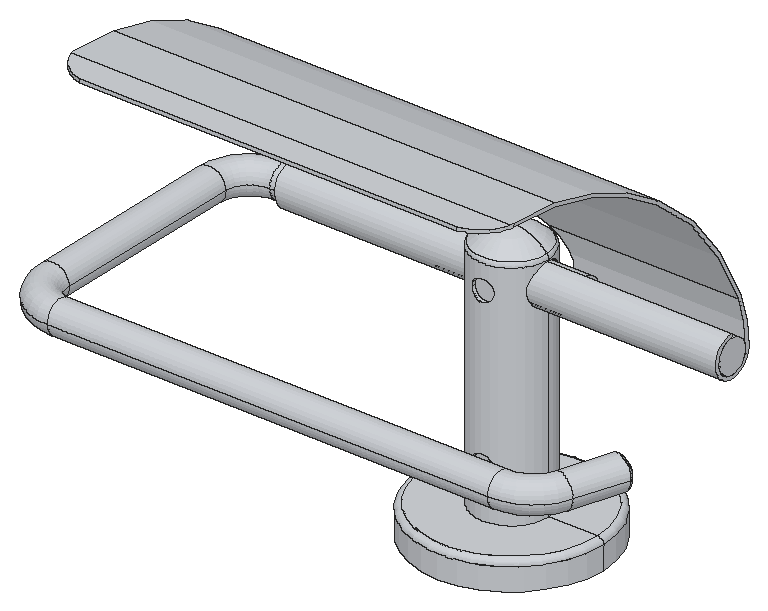
Revit family "Accessory-Tissue_Holder-KOHLER-Kumin-K-97901M_1", category Specialty Equipment, host Face, Revit 2017
Family settings
  Host = Face
  Round Connector Dimension = Use Diameter
  Part Type = Normal
  OmniClass Number = 23.31.25.21
  OmniClass Title = Toilet Paper Dispensers
  Cut with Voids When Loaded = No
  Shared = No
  Room Calculation Point = No
Parameters (values of type "CP-Polished Chrome")
  Width = 5 121/256"  # constant formula
  WaterSense Certified = 1 = 0  # no
  URL = "https://la.kohler.com/es?country=MX"
  Type = 1
  Product Page URL = "https://la.kohler.com/es/product-detail/97901m?skuid=K-97901M-CP"
  Product Name = "Kumin"  # constant formula
  Product Documentation Link = ""
  Model = "K-97901M-CP"  # constant formula
  Material = "Premium Metal Construction"  # constant formula
  Master Format 2014 Name = "Toilet, Bath, and Laundry Accessories"  # constant formula
  Master Format 2014 = "10 28 00"  # constant formula
  Manufacturer Address = "KOHLER Co. 444 Highland Dr. Kohler, WI 53044"  # constant formula
  Manufacturer = "KOHLER Co."  # constant formula
  Length = 4 145/256"  # constant formula
  Height = 3 105/128"  # constant formula
  Finish = Kohler-Metal-CP-Polished_Chrome
  Environmental Product Declaration = ""
  Description = "Covered toilet paper holder"  # constant formula
  Default Elevation = 42"
  Declare Label = ""
  Date Modified = "05/21/2021"  # constant formula
  Date Created = "05/21/2021"  # constant formula
  Copyright = "Copyright KOHLER Co."  # constant formula
  Contact Us = "https://la.kohler.com/es/contact-us-page"
  Assembly Code = "C1030200"
  ADA Compliant = 1 = 0  # no
Reference planes (in)
  plane 1 "Center (Front/Back)": y = 0
  plane 2: z = 0
  plane 3 "Center (Left/Right)": x = 0
  plane 4: x = -2.7577
  plane 5: x = -2.12841
  plane 6: x = 2.71495
  plane 7: x = -0.88583
  plane 8: x = 0.88583
  plane 9: x = 2.12841
  plane 10: y = 0.88583
  plane 11: y = -2.93449
  plane 12: y = -0.88583
  plane 13: z = 4.56641
  plane 14: z = 2.28346
  plane 15: z = 2.44057
  plane 16: z = 2.12636
  plane 17: z = 0.27559
  plane 18: y = 0.35433
  plane 19: y = -0.35433
  plane 20: x = -0.35433
  plane 21: x = 0.35433
Dimensions and locks (in)
  "Height": plane 11 to plane 10
  "Width": plane 4 to plane 6
  plane 7 to plane 8 = 1.77165"
  plane 12 to plane 10 = 1.77165"
  plane 17 to level = 0.27559"
  plane 14 to level = 2.28346"
  "Length": level to plane 13
  aligned and locked: plane 2 to host face
  aligned and locked: level to host face
Automatic sketch dimensions
  host sketch curve to host sketch curve = 96"  (x2)
Nested families (in)
  nested 1: "K-97901M" at (0, 0, 0), type "K-97901M"
Definition of nested family "K-97901M"
  Parameters (values of type "K-97901M")
    Material = none
  Reference planes (in)
    plane 1 "Center (Front/Back)": y = 0
    plane 2: z = 0
    plane 3 "Center (Left/Right)": x = 0
    plane 4: x = -0.88583
    plane 5: x = 0.88583
    plane 6: y = 0.88583
    plane 7: y = -0.88583
    plane 8: y = -2.93307
    plane 9: x = 2.71474
    plane 10: z = 0.27559
    plane 11: z = 2.28346
    plane 12: z = 4.56693
    plane 13: x = -2.7577
    plane 14: z = 2.44057
    plane 15: z = 2.12636
    plane 16: x = 2.12859
    plane 17: x = 0.35433
    plane 18: x = -0.35433
    plane 19: y = -0.35433
    plane 20: y = 0.35433
  Forms (in)
    Revolve 1, solid, material <- "Material", detail levels medium+fine
      sketch origin (0, 0, 0) x (1, 0, 0) y (0, 0, 1)
        loop
          line (0, 0) -> (0, 2.68881)
          arc (0, 2.68881) -> (-0.18472, 2.64974) -> (-0.3384, 2.54007) r 0.46219
          arc (-0.3384, 2.54007) -> (-0.35062, 2.52054) -> (-0.35488, 2.4979) r 0.06219
          line (-0.35488, 2.4979) -> (-0.35488, 0.27559) -> (-0.82846, 0.27559)
          arc (-0.82846, 0.27559) -> (-0.86902, 0.25879) -> (-0.88583, 0.21822) r 0.05737
          line (-0.88583, 0.21822) -> (-0.88583, 0) -> (0, 0)
        axis (0, 0) -> (0, 2.68881)
      angle from 0 to 360
    Sweep 2, solid, material <- "Material", detail levels medium+fine
      path origin (0, 3.21631, 2.28346) x (0, 1, 0) y (-1, 0, 0)
        loop
          line (-3.21631, -2.12598) -> (-3.21631, 2.20472)
          arc (-3.21631, 2.20472) -> (-3.33195, 2.48392) -> (-3.61115, 2.59957) r 0.39484
          line (-3.61115, 2.59957) -> (-5.50164, 2.59957)
          arc (-5.50164, 2.59957) -> (-5.77935, 2.48454) -> (-5.89438, 2.20683) r 0.39273
          line (-5.89438, 2.20683) -> (-5.89438, -2.03697)
          arc (-5.89438, -2.03697) -> (-5.8203, -2.26623) -> (-5.62608, -2.4088) r 0.3918
          line (-5.62608, -2.4088) -> (-5.00617, -2.61471)
      profile origin (-0.03937, 0, 2.28346) x (0, -1, 0) y (0, 0, 1)
        loop
          circle (-0.00059, -0.00048) r 0.15748
    Sweep 3, solid, material <- "Material", detail levels medium+fine
      path origin (0, 0, 0) x (0, 1, 0) y (0, 0, 1)
        loop
          arc (0, 2.46457) -> (-0.12991, 2.15728) -> (0.18103, 2.2782) r 0.1811
          arc (0.18103, 2.2782) -> (0.16293, 2.51813) -> (0.09551, 2.74911) r 1.15511
          arc (0.09551, 2.74911) -> (-0.31136, 3.44741) -> (-0.89454, 4.00693) r 2.91109
          arc (-0.89454, 4.00693) -> (-1.48475, 4.338) -> (-2.13462, 4.52676) r 2.96798
          arc (-2.13462, 4.52676) -> (-2.39292, 4.55866) -> (-2.65305, 4.56693) r 2.85811
          arc (-2.65305, 4.56693) -> (-2.79306, 4.56597) -> (-2.93307, 4.56693) r 10.1782
      profile origin (0, 0.18103, 2.2782) x (0, -0.999578, 0.029043) y (1, 0, 0)
        loop
          line (-0.01575, -2.1261) -> (0.01575, -2.1261) -> (0.01575, 2.12511) -> (-0.01575, 2.12511) -> (-0.01575, -2.1261)
    Revolve 4, void
      sketch origin (0, 3.21631, 2.28346) x (0, 1, 0) y (-1, 0, 0)
        loop
          line (-4.95095, -2.63367) -> (-4.87719, -2.41162) -> (-5.14473, -2.32275) -> (-5.16562, -2.38564) -> (-5.11562, -2.40225)
          arc (-5.11562, -2.40225) -> (-5.08466, -2.4214) -> (-5.06562, -2.45244) r 0.07874
          arc (-5.06562, -2.45244) -> (-5.05474, -2.52384) -> (-5.06769, -2.5949) r 0.21897
          line (-5.06769, -2.5949) -> (-4.95095, -2.63367)
        axis (-5.21849, -2.54481) -> (-4.95095, -2.63367)
      angle from 0 to 360
    Extrusion 5, void
      sketch origin (0, 0, 0) x (1, 0, 0) y (0, 1, 0)
        loop
          line (1.73928, -2.94073) -> (1.55193, -2.94073) -> (1.55193, -3.07852) -> (2.24159, -3.07852) -> (2.24159, -2.2525) -> (2.13298, -2.2525) -> (2.13298, -2.54703)
          arc (2.13298, -2.54703) -> (2.01767, -2.82542) -> (1.73928, -2.94073) r 0.3937
        loop
          arc (-1.73928, -2.94073) -> (-2.01767, -2.82542) -> (-2.13298, -2.54703) r 0.3937
          line (-2.13298, -2.54703) -> (-2.13298, -2.2525) -> (-2.24159, -2.2525) -> (-2.24159, -3.07852) -> (-1.55193, -3.07852) -> (-1.55193, -2.94073) -> (-1.73928, -2.94073)
      from 4.03758 to 5.27737
    Extrusion 6, void
      sketch origin (0, 0, 0) x (1, 0, 0) y (0, 0, 1)
        loop
          line (-0.4685, 1.93479) -> (0.47244, 1.93479) -> (0.47244, 2.46063)
          arc (0.47244, 2.46063) -> (0.00197, 2.84076) -> (-0.4685, 2.46063) r 0.48121
          line (-0.4685, 2.46063) -> (-0.4685, 1.93479)
      from -0.88668 to -0.02748
    Revolve 7, void
      sketch origin (0, 0, 0) x (1, 0, 0) y (0, 0, 1)
        loop
          line (-0.40779, 2.28346) -> (0.40779, 2.28346) -> (0.40779, 2.59254) -> (0.36419, 2.59254) -> (0.36419, 2.50646)
          arc (0.36419, 2.50646) -> (0.3573, 2.48982) -> (0.34066, 2.48293) r 0.02353
          line (0.34066, 2.48293) -> (-0.34095, 2.48293)
          arc (-0.34095, 2.48293) -> (-0.35759, 2.48982) -> (-0.36448, 2.50646) r 0.02353
          line (-0.36448, 2.50646) -> (-0.36448, 2.59254) -> (-0.40779, 2.59254) -> (-0.40779, 2.28346)
        axis (-0.40779, 2.28346) -> (0.40779, 2.28346)
      angle from 0 to 360
    Extrusion 8, solid, material <- "Material", detail levels medium+fine
      sketch origin (0, 0, 0) x (0, 1, 0) y (0, 0, 1)
        loop
          circle (0.00059, 2.28298) r 0.15748
        loop
          circle (0.00059, 2.28298) r 0.18276
      from -0.62712 to 0.69832
    Extrusion 9, void
      sketch origin (0, 0, 0) x (1, 0, 0) y (0, 0, 1)
        loop
          circle (0, 0.74871) r 0.10468
        loop
          circle (0, 2.26305) r 0.10541
      from 0.31323 to 0.94004
    Revolve 10, solid, material <- "Material", detail levels coarse
      sketch origin (0, 0, 0) x (1, 0, 0) y (0, 0, 1)
        loop
          line (0, 0) -> (0, 2.68499) -> (-0.2049, 2.68499)
          arc (-0.2049, 2.68499) -> (-0.31056, 2.64122) -> (-0.35433, 2.53555) r 0.14943
          line (-0.35433, 2.53555) -> (-0.35433, 0.27559) -> (-0.88583, 0.27559) -> (-0.88583, 0) -> (0, 0)
        axis (0, 0) -> (0, 2.68499)
      angle from 0 to 360
    Sweep 11, solid, material <- "Material", detail levels coarse
      path origin (0, 3.21631, 2.28346) x (0, 1, 0) y (-1, 0, 0)
        loop
          line (-3.21631, -2.12511) -> (-3.21631, 2.13247)
          arc (-3.21631, 2.13247) -> (-3.35299, 2.46244) -> (-3.68296, 2.59912) r 0.46665
          line (-3.68296, 2.59912) -> (-5.49389, 2.59912)
          arc (-5.49389, 2.59912) -> (-5.77228, 2.48381) -> (-5.88759, 2.20542) r 0.3937
          line (-5.88759, 2.20542) -> (-5.88759, -1.97812)
          arc (-5.88759, -1.97812) -> (-5.79547, -2.26305) -> (-5.55398, -2.44012) r 0.48671
          line (-5.55398, -2.44012) -> (-5.13054, -2.58044)
      profile origin (-0.00368, 0, 2.28346) x (0, -1, 0) y (0, 0, 1)
        loop
          circle (0, 0) r 0.1571
    Extrusion 12, solid, material <- "Material", detail levels coarse
      sketch origin (0, 0, 0) x (0, 1, 0) y (0, 0, 1)
        loop
          arc (0.08094, 2.74315) -> (0.14743, 2.51532) -> (0.16528, 2.27866) r 1.13937
          arc (0.16528, 2.27866) -> (-0.11861, 2.16825) -> (0, 2.44882) r 0.16535
          line (0, 2.44882) -> (0, 2.48031)
          arc (0, 2.48031) -> (-0.1412, 2.14631) -> (0.19677, 2.27775) r 0.19685
          arc (0.19677, 2.27775) -> (0.17842, 2.52095) -> (0.11009, 2.75507) r 1.17086
          arc (0.11009, 2.75507) -> (-0.29898, 3.45715) -> (-0.88532, 4.0197) r 2.92684
          arc (-0.88532, 4.0197) -> (-1.47867, 4.35252) -> (-2.13198, 4.54228) r 2.98373
          arc (-2.13198, 4.54228) -> (-2.3917, 4.57436) -> (-2.65327, 4.58268) r 2.87386
          arc (-2.65327, 4.58268) -> (-2.79306, 4.58171) -> (-2.93285, 4.58268) r 10.16245
          line (-2.93285, 4.58268) -> (-2.93285, 4.55118)
          arc (-2.93285, 4.55118) -> (-2.79284, 4.55022) -> (-2.65283, 4.55118) r 10.19395
          arc (-2.65283, 4.55118) -> (-2.39414, 4.54296) -> (-2.13726, 4.51123) r 2.84236
          arc (-2.13726, 4.51123) -> (-1.49084, 4.32347) -> (-0.90376, 3.99417) r 2.95223
          arc (-0.90376, 3.99417) -> (-0.32373, 3.43767) -> (0.08094, 2.74315) r 2.89534
      from -2.1261 to 2.12511
  Cuts and joins
    Extrusion 5, Extrusion 6 cuts Sweep 3
    Revolve 7, Extrusion 9 cuts Revolve 1
    Revolve 4 cuts Sweep 2
    joined: Revolve 1, Sweep 2, Extrusion 8
    joined: Revolve 10, Sweep 11, Extrusion 12
  Lines and regions (in)
    Masking region 1
      outline origin (0, 3.21631, 2.28346) x (0, 1, 0) y (-1, 0, 0)
        loop
          line (-3.02145, 0.86413) -> (-3.02145, 2.12859) -> (-3.05842, 2.12859)
          arc (-3.05842, 2.12859) -> (-3.18399, 2.55926) -> (-3.5863, 2.7577) r 0.55704
          line (-3.5863, 2.7577) -> (-5.48718, 2.7577)
          arc (-5.48718, 2.7577) -> (-5.88089, 2.59463) -> (-6.04396, 2.20092) r 0.55678
          line (-6.04396, 2.20092) -> (-6.04396, 2.01541)
          arc (-6.04396, 2.01541) -> (-6.11144, 1.92319) -> (-6.14959, 1.81546) r 0.3937
          line (-6.14959, 1.81546) -> (-6.14959, -1.81546)
          arc (-6.14959, -1.81546) -> (-6.11516, -1.91597) -> (-6.05511, -2.0036) r 0.3937
          arc (-6.05511, -2.0036) -> (-5.94623, -2.36339) -> (-5.6377, -2.57813) r 0.57261
          line (-5.6377, -2.57813) -> (-5.26545, -2.7063)
          arc (-5.26545, -2.7063) -> (-5.24442, -2.71079) -> (-5.22294, -2.71008) r 0.08871
          arc (-5.22294, -2.71008) -> (-5.07457, -2.60307) -> (-5.1256, -2.4274) r 0.15868
          arc (-5.1256, -2.4274) -> (-5.14252, -2.41335) -> (-5.16237, -2.40389) r 0.08871
          line (-5.16237, -2.40389) -> (-5.5455, -2.27676)
          arc (-5.5455, -2.27676) -> (-5.64992, -2.22306) -> (-5.71967, -2.12859) r 0.25765
          line (-5.71967, -2.12859) -> (-3.02145, -2.12859) -> (-3.02145, -0.86413)
          arc (-3.02145, -0.86413) -> (-2.33048, 0) -> (-3.02145, 0.86413) r 0.88583
    Masking region 2
      outline origin (0, 0, 0) x (1, 0, 0) y (0, 0, 1)
        loop
          line (2.12859, 4.56693) -> (-2.12598, 4.56693) -> (-2.12598, 2.44057) -> (-2.60059, 2.44057)
          arc (-2.60059, 2.44057) -> (-2.7577, 2.28346) -> (-2.60059, 2.12636) r 0.15711
          line (-2.60059, 2.12636) -> (-2.12598, 2.12636) -> (-2.12598, 2.08619) -> (-0.35433, 2.08619) -> (-0.35433, 0.27559) -> (-0.82236, 0.27559)
          arc (-0.82236, 0.27559) -> (-0.86322, 0.26111) -> (-0.88583, 0.22412) r 0.06486
          line (-0.88583, 0.22412) -> (-0.88583, 0) -> (0, 0) -> (0.88583, 0) -> (0.88583, 0.22412)
          arc (0.88583, 0.22412) -> (0.86322, 0.26111) -> (0.82236, 0.27559) r 0.06486
          line (0.82236, 0.27559) -> (0.35433, 0.27559) -> (0.35433, 2.08619) -> (2.12859, 2.08619) -> (2.12859, 2.12636) -> (2.55744, 2.12636)
          arc (2.55744, 2.12636) -> (2.71455, 2.28346) -> (2.55744, 2.44057) r 0.15711
          line (2.55744, 2.44057) -> (2.12859, 2.44057) -> (2.12859, 4.56693)
    Masking region 3
      outline origin (0, 0, 0) x (0, 1, 0) y (0, 0, 1)
        loop
          line (-0.88583, 0) -> (0.88583, 0) -> (0.88583, 0.21543)
          arc (0.88583, 0.21543) -> (0.86821, 0.25797) -> (0.82567, 0.27559) r 0.06016
          line (0.82567, 0.27559) -> (0.35433, 0.27559) -> (0.35433, 2.49015)
          arc (0.35433, 2.49015) -> (0.34899, 2.51933) -> (0.33365, 2.54473) r 0.08236
          arc (0.33365, 2.54473) -> (0.244, 2.61778) -> (0.139, 2.66622) r 0.46108
          arc (0.139, 2.66622) -> (-0.27478, 3.41058) -> (-0.88532, 4.00432) r 2.92684
          arc (-0.88532, 4.00432) -> (-1.47867, 4.33714) -> (-2.13198, 4.5269) r 2.98373
          arc (-2.13198, 4.5269) -> (-2.40222, 4.55977) -> (-2.67436, 4.56693) r 2.87386
          line (-2.67436, 4.56693) -> (-2.93307, 4.56693) -> (-2.93307, 4.53543) -> (-2.67402, 4.53543)
          arc (-2.67402, 4.53543) -> (-2.4047, 4.52838) -> (-2.13726, 4.49585) r 2.84236
          arc (-2.13726, 4.49585) -> (-1.49084, 4.30809) -> (-0.90376, 3.97879) r 2.95223
          arc (-0.90376, 3.97879) -> (-0.30674, 3.40049) -> (0.10138, 2.6764) r 2.89534
          arc (0.10138, 2.6764) -> (-0.13669, 2.66702) -> (-0.3383, 2.54005) r 0.46108
          arc (-0.3383, 2.54005) -> (-0.34928, 2.52343) -> (-0.35433, 2.50417) r 0.06113
          line (-0.35433, 2.50417) -> (-0.35433, 2.44057) -> (-2.68466, 2.44057)
          arc (-2.68466, 2.44057) -> (-2.84177, 2.28346) -> (-2.68466, 2.12636) r 0.15711
          line (-2.68466, 2.12636) -> (-0.35433, 2.12636) -> (-0.35433, 0.27559) -> (-0.82677, 0.27559)
          arc (-0.82677, 0.27559) -> (-0.86853, 0.25829) -> (-0.88583, 0.21654) r 0.05906
          line (-0.88583, 0.21654) -> (-0.88583, 0)
    symbolic lines, detail levels medium+fine
      curve 1: arc (0.8398, 0.19486, 2.28346) -> (-0.00049, 0.86259, 2.28346) -> (-0.84079, 0.19486, 2.28346) r 0.86259
      curve 2: arc (-0.46431, 0.19486, 2.28346) -> (0.00091, 0.07169, 2.28346) -> (0.46613, 0.19486, 2.28346) r 0.9402
      curve 3: arc (-0.32955, 0.13168, 2.28346) -> (0.00091, 0.35489, 2.28346) -> (0.33137, 0.13168, 2.28346) r 0.35623
      curve 4: line (-0.86413, 0.19486, 2.28346) -> (-0.29642, 0.19486, 2.28346)
      curve 5: line (0.29824, 0.19486, 2.28346) -> (0.86358, 0.19486, 2.28346)
      curve 6: line (-2.12841, -0.1547, 2.28346) -> (-2.17152, -0.1547, 2.28346)
      curve 7: arc (-2.17152, -0.1547, 2.28346) -> (-2.36183, -0.23353, 2.28346) -> (-2.44066, -0.42384, 2.28346) r 0.26914
      curve 8: line (-2.44066, -0.42384, 2.28346) -> (-2.44066, -2.29983, 2.28346)
      curve 9: arc (-2.44066, -2.29983, 2.28346) -> (-2.37751, -2.45229, 2.28346) -> (-2.22505, -2.51544, 2.28346) r 0.21561
      curve 10: line (-2.22505, -2.51544, 2.28346) -> (-2.12841, -2.51544, 2.28346)
      curve 11: line (-2.12841, 0.15787, 2.28346) -> (-2.12841, -2.62033, 2.28346)
      curve 12: arc (-2.12841, -2.62033, 2.28346) -> (-2.099, -2.73784, 2.28346) -> (-2.01772, -2.82766, 2.28346) r 0.24951
      curve 13: line (2.12859, -2.50336, 2.28346) -> (2.12859, -2.61164, 2.28346)
      curve 14: arc (2.12859, -2.61164, 2.28346) -> (2.09528, -2.74128, 2.28346) -> (2.0036, -2.83881, 2.28346) r 0.26893
      curve 15: line (-2.7577, -0.41613, 2.28346) -> (-2.44055, -0.41613, 2.28346)
      curve 16: line (-2.75683, -2.30194, 2.28346) -> (-2.44065, -2.30194, 2.28346)
      curve 17: line (-2.16046, -2.51544, 2.28346) -> (-2.16046, -2.82713, 2.28346)
      curve 18: line (2.40389, -1.94607, 2.28346) -> (2.70598, -2.05008, 2.28346)
      curve 19: line (2.27676, -2.32919, 2.28346) -> (2.57507, -2.43191, 2.28346)
      curve 20: line (0.88583, 0, 0.22717) -> (-0.88511, 0, 0.22717)
      curve 21: line (0.35433, 0, 0.27559) -> (-0.35548, 0, 0.27559)
      curve 22: line (0.34066, 0, 2.45637) -> (0.35433, 0, 2.08619)
      curve 23: line (-0.35433, 0, 2.08619) -> (-0.34095, 0, 2.45694)
      curve 24: spline (0.35493, 0, 2.4878) -> (0.35473, 0, 2.4872) -> (0.35435, 0, 2.48623) -> (0.35379, 0, 2.48487) -> (0.35303, 0, 2.48313) -> (0.3521, 0, 2.48103) -> (0.35098, 0, 2.47855) -> (0.34969, 0, 2.47571) -> (0.34822, 0, 2.47252) -> (0.34658, 0, 2.46898) -> (0.34477, 0, 2.46511) -> (0.34279, 0, 2.4609) -> (0.34066, 0, 2.45637)
      curve 25: spline (-0.34095, 0, 2.45694) -> (-0.34309, 0, 2.46135) -> (-0.34506, 0, 2.46544) -> (-0.34686, 0, 2.46922) -> (-0.34849, 0, 2.47266) -> (-0.34994, 0, 2.47577) -> (-0.35121, 0, 2.47853) -> (-0.3523, 0, 2.48094) -> (-0.3532, 0, 2.483) -> (-0.35392, 0, 2.48469) -> (-0.35444, 0, 2.48602) -> (-0.35478, 0, 2.48698) -> (-0.35493, 0, 2.48758)
      curve 26: arc (0.33963, 0, 2.53798) -> (0.3542, 0, 2.515) -> (0.35493, 0, 2.4878) r 0.05118
      curve 27: arc (0.33963, 0, 2.53798) -> (-0.00031, 0, 2.69081) -> (-0.34025, 0, 2.53798) r 0.45449
      curve 28: arc (-0.35493, 0, 2.48758) -> (-0.35277, 0, 2.51429) -> (-0.34025, 0, 2.53798) r 0.06649
      curve 29: arc (0.47244, 0, 2.46063) -> (0.00197, 0, 2.84076) -> (-0.4685, 0, 2.46063) r 0.48121
      curve 30: line (0.47244, 0, 2.46063) -> (0.47244, 0, 2.08619)
      curve 31: line (-0.4685, 0, 2.46063) -> (-0.4685, 0, 2.08854)
      curve 32: line (2.12598, 0, 2.08619) -> (0.35433, 0, 2.08619)
      curve 33: line (2.12859, 0, 2.28346) -> (0.47244, 0, 2.28346)
      curve 34: line (-0.4685, 0, 2.28346) -> (-2.12598, 0, 2.28346)
      curve 35: line (0.35493, 0, 2.4878) -> (-0.35495, 0, 2.4878)
      curve 36: line (0.35466, 0, 2.51337) -> (-0.35303, 0, 2.51337)
      curve 37: line (0.47244, 0, 2.46063) -> (0.34366, 0, 2.46063)
      curve 38: line (-0.4685, 0, 2.46063) -> (-0.34231, 0, 2.46063)
      curve 39: line (0, 0.88583, 0.21543) -> (0, -0.88582, 0.21543)
      curve 40: line (0, 0.35488, 0.27559) -> (0, -0.35459, 0.27559)
      curve 41: line (0, -0.35459, 2.44057) -> (0, -0.00113, 2.44057)
      curve 42: arc (0, -0.00113, 2.44057) -> (0, 0.1562, 2.29128) -> (0, 0.01534, 2.12636) r 0.15754
      curve 43: line (0, 0.01534, 2.12636) -> (0, -0.35531, 2.12636)
      curve 44: arc (0, 0, 2.48031) -> (0, -0.1412, 2.14631) -> (0, 0.19677, 2.27775) r 0.19685
      curve 45: arc (0, 0, 2.44882) -> (0, -0.02611, 2.44674) -> (0, -0.05157, 2.44057) r 0.16535
      curve 46: line (0, 0, 2.48031) -> (0, 0, 2.44882)
      curve 47: arc (0, 0.16528, 2.27866) -> (0, 0.15212, 2.48055) -> (0, 0.10138, 2.6764) r 1.07574
      curve 48: arc (0, 0.139, 2.66622) -> (0, 0.18509, 2.47454) -> (0, 0.19677, 2.27775) r 1.11727
      curve 49: arc (0, 0, 2.48031) -> (0, 0.09177, 2.45763) -> (0, 0.16238, 2.39479) r 0.19692
      curve 50: arc (0, 0, 2.45805) -> (0, 0.11697, 2.4096) -> (0, 0.16542, 2.29263) r 0.16542
      curve 51: line (0, 0.3458, 2.52775) -> (0, 0.17585, 2.52775)
      curve 52: line (0, 0.35488, 2.50246) -> (0, 0.18057, 2.50246)
      curve 53: line (0, 0.14345, 2.52775) -> (0, -0.34714, 2.52775)
      curve 54: line (0, 0.14837, 2.50246) -> (0, -0.35402, 2.50246)
      curve 55: line (0, -0.60076, 2.44057) -> (0, -0.60076, 2.12891)
      curve 56: line (0, -2.14567, 2.44057) -> (0, -2.14567, 2.12891)
      curve 57: arc (0, -0.05157, 2.12636) -> (0, 0.09504, 2.14815) -> (0, 0.16528, 2.27866) r 0.16535
      curve 58: line (-2.12598, 0, 2.12636) -> (-2.12598, 0, 2.44057)
      curve 59: line (2.12859, 0, 2.44057) -> (2.12859, 0, 2.12636)
      curve 60: arc (2.55546, 0, 2.44057) -> (2.39835, 0, 2.28346) -> (2.55546, 0, 2.12636) r 0.15711
      curve 61: arc (2.40584, 0, 2.44057) -> (2.24873, 0, 2.28346) -> (2.40584, 0, 2.12636) r 0.15711
  Dimensions and locks (in)
    plane 6 to plane 8 = 3.8189"
    plane 10 to level = 0.27559"
    plane 12 to level = 4.56693"
    plane 11 to level = 2.28346"
    plane 13 to plane 9 = 5.47244"
    plane 4 to plane 5 = 1.77165"
    aligned and locked: plane 2 to level
    aligned and locked: plane 5 to curve 20
